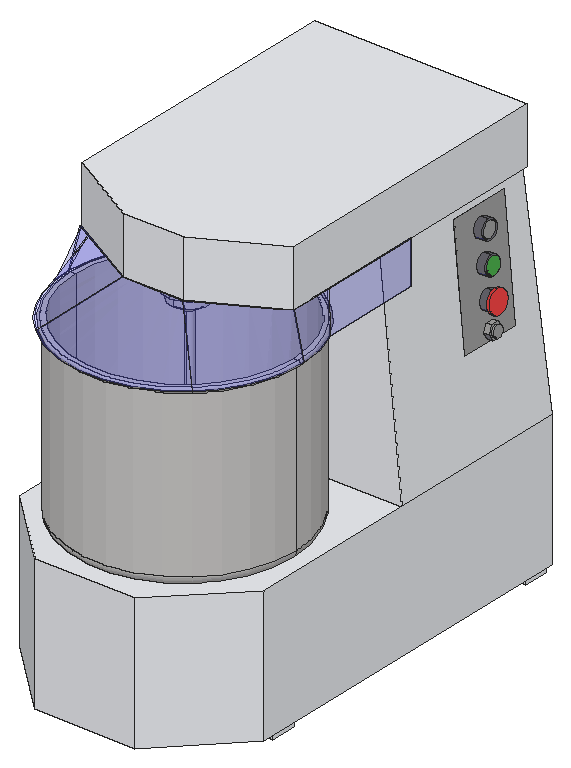
Revit family "QF_ELECTROLUXPROFESSIONAL_291251_ZSP20", category Specialty Equipment, Revit 2018
Family settings
  Round Connector Dimension = Use Diameter
  Part Type = Normal
  Work Plane-Based = No
  Always vertical = Yes
  Cut with Voids When Loaded = No
  Shared = No
  Room Calculation Point = No
Parameters (values of type "QF_ELECTROLUX_291251_ZSP20")
  Weight = 75.00 kg
  Watts = 0 W
  Volts = 400 V
  URL Manufacturer = "http://professional.electrolux.com"
  URL = "http://professional.electrolux.com"
  Steam Supply Size = 0 mm
  Steam Supply Minimum Pressure = 0.0 Pa
  Steam Supply Maximum Pressure = 0.0 Pa
  Steam Pounds per Hour = 0
  Refrigeration Suction Line Size = 0 mm
  Refrigeration Liquid Line Size = 0 mm
  Refrigerant Compressor Remote = yes
  Manufacturer = "Electrolux"
  Phase = 3
  Model = "ZSP20"
  Length Actual = 390 mm  # constant formula
  Item Number = "291251"
  Hot Water Size = 0 mm
  Height Actual = 670 mm  # constant formula
  HP = "1 HP"
  Gas Size = 0 mm
  Gas KW = 0
  Gas Input Pressure = 0 W
  Direct Waste Size = 0 mm
  Description = "SPIRAL DOUGH KNEADER 25L 1SP.400/3"
  Depth Actual = 690 mm  # constant formula
  Cycle = 50 Hz
  Condensate Return Size = 0 mm
  Compressed Air Volume = 0.0 L/s
  Compressed Air Size = 0 mm
  Compressed Air Pressure = 0.0 Pa
  Cold Water Size = 0 mm
  Accessory = yes
Reference planes
  plane 1 "Center (Front/Back)": y = 0
  plane 2: z = 0
  plane 3 "Center (Left/Right)": x = 0
  plane 4 "BASE": z = 225
  plane 5 "TOP": z = 670
  plane 6 "FRONT": y = -345
  plane 7 "BACK": y = 345
  plane 8 "LEFT": x = -195
  plane 9 "RIGHT": x = 195
  plane 10: z = 580
  plane 11 "CX": y = -145
  plane 12 "PANEL": through (195.128, -1524, 223.684) normal (-0.9953, 0, -0.0967)
Forms (mm)
  Extrusion 1, solid, material "QF_Finishes_White"
    sketch origin (0, 0, 0) x (1, 0, 0) y (0, 1, 0)
      loop
        line (-190, 340) -> (-190, 300) -> (-170, 300) -> (-170, 340) -> (-190, 340)
      loop
        line (-190, -165) -> (-190, -205) -> (-170, -205) -> (-170, -165) -> (-190, -165)
      loop
        line (190, 340) -> (170, 340) -> (170, 300) -> (190, 300) -> (190, 340)
      loop
        line (190, -165) -> (170, -165) -> (170, -205) -> (190, -205) -> (190, -165)
    from 0 to 10
  Extrusion 2, solid, material "QF_Finishes_White"
    sketch origin (0, 0, 0) x (1, 0, 0) y (0, 1, 0)
      loop
        line (-195, 345) -> (-195, -230) -> (-80, -345) -> (80, -345) -> (195, -230) -> (195, 345) -> (-195, 345)
    from 225 to 10
  Blend 3, solid, material "QF_Finishes_White"
    base sketch origin (0, 0, 0) x (1, 0, 0) y (0, 1, 0)
      loop
        line (-195, 345) -> (-195, 45) -> (195, 45) -> (195, 345) -> (-195, 345)
    top sketch origin (0, 0, 0) x (1, 0, 0) y (0, 1, 0)
      loop
        line (-160.517, 327.833) -> (-160.517, 45) -> (160.517, 45) -> (160.517, 327.833) -> (-160.517, 327.833)
    from 225 to 580
  Extrusion 4, solid, material "QF_Finishes_White"
    sketch origin (0, 0, 0) x (1, 0, 0) y (0, 1, 0)
      loop
        line (-170.116, 327.833) -> (-170.116, -138.643) -> (-47.5, -206.259) -> (47.5, -206.259) -> (170, -138.759) -> (170, 327.833) -> (-170.116, 327.833)
    from 670 to 580
  Revolve 5, solid, material "QF_Finishes_Stainless Steel"
    sketch origin (0, 20.508, -90) x (0, 1, 0) y (0, 0, 1)
      loop
        line (-116.74, 670) -> (-155.508, 670) -> (-155.508, 404.668) -> (-149.084, 404.668) -> (-149.084, 609.668) -> (-124.213, 626.444) -> (-124.213, 641.444) -> (-116.74, 641.444) -> (-116.74, 670)
      axis (-155.508, 404.668) -> (-155.508, 670)
    angle from 0 to 360
  Revolve 6, solid, material "QF_Finishes_Stainless Steel"
    sketch origin (0, -145, 0) x (0, 0, 1) y (1, 0, 0)
      loop
        line (513.04, 174.01) -> (513.04, 181.448)
        arc (513.04, 181.448) -> (509.488, 185) -> (505.937, 181.448) r 3.552
        line (505.937, 181.448) -> (505.937, 179.01) -> (240.325, 179.01)
        arc (240.325, 179.01) -> (229.489, 174.522) -> (225, 163.685) r 15.325
        line (225, 163.685) -> (225, 0) -> (230, 0) -> (230, 163.685)
        arc (230, 163.685) -> (233.024, 170.986) -> (240.325, 174.01) r 10.325
        line (240.325, 174.01) -> (513.04, 174.01)
      axis (225, 0) -> (513.04, 0)
    angle from 0 to 360
  Extrusion 7, solid, material "QF_Finishes_Gray"
    sketch origin (206.611, 0, 105.469) x (0.09668, 0, -0.995315) y (0, -1, 0)
      loop
        line (-459.766, -187.929) -> (-459.766, -287.929) -> (-269.766, -287.929) -> (-269.766, -187.929) -> (-459.766, -187.929)
    from 0 to -2
  Extrusion 8, solid, material "QF_Finishes_Rubber Black"
    sketch origin (206.611, 0, 105.469) x (0.09668, 0, -0.995315) y (0, -1, 0)
      loop
        circle (-428.413, -237.929) r 15
      loop
        circle (-428.413, -237.929) r 13
      loop
        circle (-378.413, -237.929) r 15
      loop
        circle (-378.413, -237.929) r 13
      loop
        circle (-328.413, -237.929) r 15
      loop
        circle (-328.413, -237.929) r 13
    from -2 to -16.389
  Extrusion 9, solid, material "QF_Finishes_Gray"
    sketch origin (206.611, 0, 105.469) x (0.09668, 0, -0.995315) y (0, -1, 0)
      loop
        circle (-428.413, -237.929) r 13
    from -2 to -16.389
  Extrusion 10, solid, material "QF_Finishes_Green"
    sketch origin (213.063, 0, 55.887) x (0.09668, 0, -0.995315) y (0, -1, 0)
      loop
        circle (-428.413, -237.929) r 13
    from -2 to -16.389
  Extrusion 11, solid, material "QF_Finishes_Red"
    sketch origin (206.611, 0, 105.469) x (0.09668, 0, -0.995315) y (0, -1, 0)
      loop
        circle (-328.413, -237.929) r 18
    from -16.389 to -20.985
  Extrusion 12, solid, material "QF_Finishes_Gray"
    sketch origin (206.611, 0, 105.469) x (0.09668, 0, -0.995315) y (0, -1, 0)
      loop
        line (-286.257, -250.541) -> (-275.335, -244.235) -> (-275.335, -231.623) -> (-286.257, -225.318) -> (-297.179, -231.623) -> (-297.179, -244.235) -> (-286.257, -250.541)
      loop
        circle (-286.257, -237.929) r 9
    from -12.471 to -2
  Extrusion 13, solid, material "QF_Finishes_Gray"
    sketch origin (206.611, 0, 105.469) x (0.09668, 0, -0.995315) y (0, -1, 0)
      loop
        circle (-286.257, -237.929) r 9
    from -2 to -16.389
  Extrusion 14, solid, material "QF_Finishes_Stainless Steel"
    sketch origin (0, 345, 0) x (-1, 0, 0) y (0, 0, 1)
      loop
        circle (0, 160) r 10
    from 0 to 3.664
  Blend 15, solid, material "Glass"
    base sketch origin (0, 0, 0) x (1, 0, 0) y (0, 1, 0)
      loop
        line (-170.116, 94.595) -> (-172.116, 94.595) -> (-172.116, -66.892)
        arc (-172.116, -66.892) -> (-184.168, -102.49) -> (-188.938, -139.768) r 189.01
        arc (-188.938, -139.768) -> (-173.519, -219.941) -> (-125.725, -286.132) r 189.01
        arc (-125.725, -286.132) -> (0, -334.01) -> (125.725, -286.132) r 189.01
        arc (125.725, -286.132) -> (173.519, -219.941) -> (188.938, -139.768) r 189.01
        arc (188.938, -139.768) -> (184.168, -102.49) -> (172.116, -66.892) r 189.01
        line (172.116, -66.892) -> (172.116, 94.595) -> (170.116, 94.595) -> (170.116, -67.326)
        arc (170.116, -67.326) -> (182.17, -102.729) -> (186.939, -139.824) r 187.01
        arc (186.939, -139.824) -> (171.683, -219.148) -> (124.394, -284.638) r 187.01
        arc (124.394, -284.638) -> (0, -332.01) -> (-124.394, -284.638) r 187.01
        arc (-124.394, -284.638) -> (-171.683, -219.148) -> (-186.939, -139.824) r 187.01
        arc (-186.939, -139.824) -> (-182.17, -102.729) -> (-170.116, -67.326) r 187.01
        line (-170.116, -67.326) -> (-170.116, 94.595)
    top sketch origin (0, 0, 0) x (1, 0, 0) y (0, 1, 0)
      loop
        line (-170.116, 94.595) -> (-172.116, 94.595) -> (-172.116, -70.405) -> (-172.116, -139.824) -> (-48.015, -208.259) -> (48.015, -208.259) -> (172.116, -139.876) -> (172.116, -70.405) -> (172.116, 94.595) -> (170.116, 94.595) -> (170.116, -70.405) -> (170.116, -138.695) -> (47.5, -206.259) -> (-47.5, -206.259) -> (-170.116, -138.643) -> (-170.116, -70.405) -> (-170.116, 94.595)
    from 510 to 580
Lines and regions (mm)
  symbolic lines
    curve 1: line (195, 345, 0) -> (-195, 345, 0)
    curve 2: line (-195, 345, 0) -> (-195, -230, 0)
    curve 3: line (195, -230, 0) -> (195, 345, 0)
    curve 4: line (-195, -230, 0) -> (-80, -345, 0)
    curve 5: line (-80, -345, 0) -> (80, -345, 0)
    curve 6: line (80, -345, 0) -> (195, -230, 0)
    curve 7: line (170, 327.833, 0) -> (-170.116, 327.833, 0)
    curve 8: line (-170.116, 327.833, 0) -> (-170.116, -138.643, 0)
    curve 9: line (170, -138.759, 0) -> (170, 327.833, 0)
    curve 10: line (47.5, -206.259, 0) -> (170, -138.759, 0)
    curve 11: line (-47.5, -206.259, 0) -> (47.5, -206.259, 0)
    curve 12: line (-170.116, -138.643, 0) -> (-47.5, -206.259, 0)
    curve 13: arc (170, -62.387, 0) -> (0.133, -334.01, 0) -> (-170.116, -62.627, 0) r 189.01
    curve 14: line (182.52, 287.929, 0) -> (170, 287.929, 0)
    curve 15: line (182.52, 187.929, 0) -> (182.52, 287.929, 0)
    curve 16: line (170, 187.929, 0) -> (182.52, 187.929, 0)
Dimensions and locks
  plane 4 "BASE" to level = 225 mm
  plane 5 "TOP" to level = 670 mm  (x2)
  plane 8 "LEFT" to plane 3 "Center (Left/Right)" to plane 9 "RIGHT" = 195 mm, 195 mm
  equal spacing: plane 7 "BACK", plane 1 "Center (Front/Back)", plane 6 "FRONT"
  plane 7 "BACK" to plane 6 "FRONT" = 690 mm
  plane 8 "LEFT" to plane 9 "RIGHT" = 390 mm
  plane 5 "TOP" to plane 10 = 90 mm
  plane 6 "FRONT" to plane 11 "CX" = 200 mm
  plane 11 "CX" to plane 6 "FRONT" = 200 mm
  plane 10 to level = 580 mm
  aligned and locked: level to plane 2
Automatic sketch dimensions
  plane 8 "LEFT" to Extrusion 1 sketch curve = 5 mm  (x2)
  Extrusion 1 sketch curve to Extrusion 1 sketch curve = 20 mm  (x2)
  plane 9 "RIGHT" to Extrusion 1 sketch curve = 25 mm  (x2)
  Extrusion 1 sketch curve to plane 7 "BACK" = 5 mm  (x2)
  plane 9 "RIGHT" to Extrusion 1 sketch curve = 5 mm  (x2)
  Extrusion 1 sketch curve to plane 7 "BACK" = 45 mm
  Extrusion 1 sketch curve to Extrusion 1 sketch curve = 40 mm  (x3)
  Extrusion 1 sketch curve to plane 11 "CX" = 20 mm  (x2)
  Blend 3 sketch curve to plane 8 "LEFT" = 0 mm
  Blend 3 sketch curve to plane 9 "RIGHT" = 0 mm
  Blend 3 sketch curve to plane 7 "BACK" = 0 mm
  Blend 3 sketch curve to plane 1 "Center (Front/Back)" = 45 mm  (x2)
  plane 8 "LEFT" to Blend 3 sketch curve = 34.483 mm
  plane 9 "RIGHT" to Blend 3 sketch curve = 34.483 mm
  Blend 3 sketch curve to plane 7 "BACK" = 17.167 mm
  plane 8 "LEFT" to Extrusion 4 sketch curve = 24.884 mm
  Extrusion 4 sketch curve to plane 3 "Center (Left/Right)" = 47.5 mm
  plane 3 "Center (Left/Right)" to Extrusion 4 sketch curve = 47.5 mm
  plane 11 "CX" to Extrusion 4 sketch curve = 6.241 mm
  plane 9 "RIGHT" to Extrusion 4 sketch curve = 25 mm
  Extrusion 4 sketch curve to plane 11 "CX" = 61.259 mm
  plane 11 "CX" to Extrusion 4 sketch curve = 6.357 mm
  Extrusion 4 sketch curve to plane 7 "BACK" = 17.167 mm
  Revolve 5 sketch curve to plane 10 = 0 mm
  plane 11 "CX" to Revolve 5 sketch curve = 10 mm  (x2)
  Revolve 5 sketch curve to Revolve 5 sketch curve = 6.424 mm
  Revolve 5 sketch curve to Revolve 5 sketch curve = 24.871 mm
  Revolve 5 sketch curve to Revolve 5 sketch curve = 7.472 mm
  Revolve 5 sketch curve to plane 10 = 28.556 mm
  Revolve 5 sketch curve to Revolve 5 sketch curve = 15 mm  (x2)
  Revolve 5 sketch curve to Revolve 5 sketch curve = 16.776 mm
  plane 4 "BASE" to Revolve 5 sketch curve = 89.668 mm
  plane 10 to Revolve 5 sketch curve = 10 mm
  Revolve 6 sketch curve to Revolve 6 sketch curve = 0 mm  (x2)
  Revolve 6 sketch curve to plane 4 "BASE" = 0 mm
  Revolve 6 sketch curve to plane 3 "Center (Left/Right)" = 0 mm  (x2)
  plane 9 "RIGHT" to Revolve 6 sketch curve = 20.99 mm
  plane 4 "BASE" to Revolve 6 sketch curve = 5 mm
  Revolve 6 sketch curve to Revolve 6 sketch curve = 10.325 mm
  Revolve 6 sketch curve to plane 10 = 74.063 mm
  Revolve 6 sketch curve to Revolve 6 sketch curve = 3.552 mm
  Revolve 6 sketch curve to Revolve 6 sketch curve = 2.438 mm
  Revolve 6 sketch curve to Revolve 6 sketch curve = 15.605 mm
  plane 5 "TOP" to Revolve 6 sketch curve = 25.605 mm
  Extrusion 14 sketch curve to plane 3 "Center (Left/Right)" = 0 mm
  Extrusion 14 sketch curve to plane 4 "BASE" = 65 mm
  Extrusion 2 sketch curve to plane 8 "LEFT" = 0 mm
  Extrusion 2 sketch curve to plane 6 "FRONT" = 0 mm
  Extrusion 2 sketch curve to plane 7 "BACK" = 0 mm
  Extrusion 2 sketch curve to plane 9 "RIGHT" = 0 mm
  plane 6 "FRONT" to Extrusion 2 sketch curve = 115 mm  (x2)
  Extrusion 2 sketch curve to plane 3 "Center (Left/Right)" = 80 mm
  Extrusion 2 sketch curve to Extrusion 2 sketch curve = 0 mm  (x2)
  plane 3 "Center (Left/Right)" to Extrusion 2 sketch curve = 80 mm
  plane 11 "CX" to Blend 15 sketch curve = 5.176 mm  (x3)
  plane 8 "LEFT" to Blend 15 sketch curve = 22.884 mm
  Blend 15 sketch curve to Blend 15 sketch curve = 2 mm  (x5)
  Blend 15 sketch curve to plane 3 "Center (Left/Right)" = 48.015 mm
  Blend 15 sketch curve to Blend 15 sketch curve = 0.515 mm  (x2)
  plane 3 "Center (Left/Right)" to Blend 15 sketch curve = 47.5 mm
  plane 9 "RIGHT" to Blend 15 sketch curve = 24.884 mm  (x2)
  plane 11 "CX" to Blend 15 sketch curve = 5.124 mm
  Blend 15 sketch curve to plane 11 "CX" = 61.259 mm
  Blend 15 sketch curve to Blend 15 sketch curve = 1.181 mm  (x2)
  Blend 15 sketch curve to Blend 15 sketch curve = 68.29 mm
  Blend 15 sketch curve to Blend 15 sketch curve = 68.238 mm
  Blend 15 sketch curve to Blend 15 sketch curve = 0 mm  (x20)
  Blend 15 sketch curve to plane 1 "Center (Front/Back)" = 94.595 mm  (x4)
  Blend 15 sketch curve to plane 3 "Center (Left/Right)" = 0 mm
  Blend 15 sketch curve to plane 11 "CX" = 0 mm
  plane 8 "LEFT" to Blend 15 sketch curve = 24.884 mm
  plane 1 "Center (Front/Back)" to Blend 15 sketch curve = 67.326 mm
  Blend 15 sketch curve to Blend 15 sketch curve = 0.434 mm
  plane 6 "FRONT" to Blend 15 sketch curve = 60.362 mm  (x2)
  Blend 15 sketch curve to Blend 15 sketch curve = 1.33 mm  (x2)
  Blend 15 sketch curve to Blend 15 sketch curve = 1.999 mm  (x2)
  Extrusion 7 sketch curve to plane 7 "BACK" = 57.071 mm
  Extrusion 7 sketch curve to Extrusion 7 sketch curve = 190 mm
  Extrusion 7 sketch curve to Extrusion 7 sketch curve = 100 mm
  Extrusion 8 sketch curve to Extrusion 8 sketch curve = 0 mm  (x8)
  Extrusion 8 sketch curve to plane 7 "BACK" = 107.071 mm
  Extrusion 8 sketch curve to Extrusion 8 sketch curve = 50 mm  (x2)
  Extrusion 9 sketch curve to plane 7 "BACK" = 107.071 mm
  Extrusion 10 sketch curve to plane 7 "BACK" = 107.071 mm
  Extrusion 11 sketch curve to plane 7 "BACK" = 107.071 mm
  Extrusion 12 sketch curve to plane 7 "BACK" = 113.377 mm
  Extrusion 12 sketch curve to plane 7 "BACK" = 119.682 mm
  Extrusion 12 sketch curve to Extrusion 12 sketch curve = 10.922 mm  (x3)
  Extrusion 12 sketch curve to plane 7 "BACK" = 94.459 mm
  Extrusion 12 sketch curve to Extrusion 12 sketch curve = 0 mm
  Extrusion 12 sketch curve to Extrusion 12 sketch curve = 6.306 mm  (x3)
  Extrusion 12 sketch curve to Extrusion 12 sketch curve = 12.612 mm
  Extrusion 13 sketch curve to plane 7 "BACK" = 107.071 mm
  curve 1 to plane 7 "BACK" = 0 mm
  curve 1 to plane 8 "LEFT" = 0 mm
  curve 4 to plane 6 "FRONT" = 0 mm
  curve 13 to plane 3 "Center (Left/Right)" = 0 mm
  curve 3 to plane 9 "RIGHT" = 0 mm
  curve 13 to plane 11 "CX" = 0 mm
  plane 11 "CX" to curve 12 = 6.357 mm
  plane 8 "LEFT" to curve 12 = 24.884 mm
  curve 4 to plane 3 "Center (Left/Right)" = 80 mm
  curve 11 to plane 3 "Center (Left/Right)" = 47.5 mm
  plane 3 "Center (Left/Right)" to curve 11 = 47.5 mm
  plane 3 "Center (Left/Right)" to curve 5 = 80 mm
  plane 11 "CX" to curve 10 = 6.241 mm
  plane 9 "RIGHT" to curve 15 = 12.48 mm
  curve 6 to plane 11 "CX" = 85 mm
  curve 4 to plane 11 "CX" = 85 mm
  curve 11 to plane 11 "CX" = 61.259 mm
  curve 15 to plane 7 "BACK" = 157.071 mm
  curve 15 to plane 7 "BACK" = 57.071 mm
  curve 7 to plane 7 "BACK" = 17.167 mm
  curve 14 to curve 14 = 12.52 mm
  plane 1 "Center (Front/Back)" to curve 13 = 62.627 mm
  radius of Extrusion 14 sketch curve = 10 mm
  radius of Extrusion 8 sketch curve = 15 mm  (x3)
  radius of Extrusion 8 sketch curve = 13 mm  (x3)
  radius of Extrusion 9 sketch curve = 13 mm
  radius of Extrusion 10 sketch curve = 13 mm
  radius of Extrusion 11 sketch curve = 18 mm
  radius of Extrusion 12 sketch curve = 9 mm
  radius of Extrusion 13 sketch curve = 9 mm
Connectors
  electrical at (0, 348.664, 160), driven by "Volts"
    settings: on Extrusion 14, index 1, voltage 400 V, apparent load 0 VA, apparent load phase1 0 VA, apparent load phase2 0 VA, apparent load phase3 0 VA, power factor 1, load classification "Other", number of poles 1, system type 30, power factor state 1, is connector primary yes, connector utility no, sub classification motor no, connector description "Electrical Connection"
